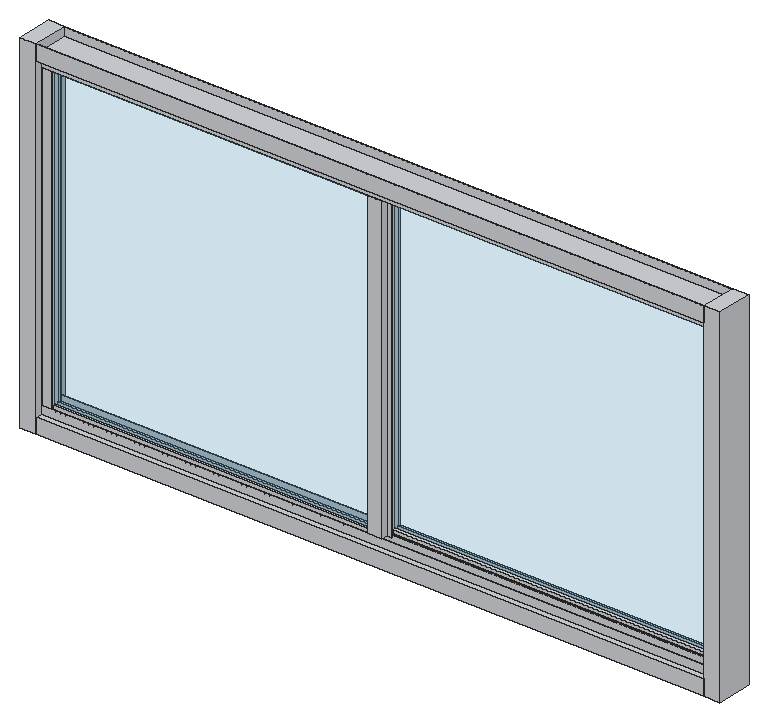
Revit family "MT-VMS_DB-SG_OX", category Windows, host Wall, Revit 2017 (continued)
Definition of nested family "VMS_DB-SG_OX_76mm"
  Definition of nested family "VMS_DB-SG_GLAZED PANEL"
    Definition of nested family "VMS_V3_SGL_FINE"
      Lines and regions (mm)
        model lines, in view "Ref. Level"
          curve 14: arc (14.392, -1.827, 0) -> (20.069, -3.194, 0) -> (25.644, -1.459, 0) r 10.984
          curve 15: arc (25.644, -1.459, 0) -> (26.154, -1.441, 0) -> (26.414, -1.879, 0) r 0.5
          curve 16: arc (26.414, -5.1, 0) -> (26.326, -5.312, 0) -> (26.114, -5.4, 0) r 0.3
          curve 17: arc (22.119, -6.078, 0) -> (21.971, -6.187, 0) -> (21.914, -6.362, 0) r 0.3
          curve 18: arc (21.914, -7, 0) -> (21.997, -7.162, 0) -> (22.177, -7.19, 0) r 0.2
          curve 19: arc (23.414, -7, 0) -> (23.497, -7.162, 0) -> (23.677, -7.19, 0) r 0.2
          curve 20: arc (24.914, -7, 0) -> (24.997, -7.162, 0) -> (25.177, -7.19, 0) r 0.2
          curve 21: arc (26.414, -7, 0) -> (26.497, -7.162, 0) -> (26.677, -7.19, 0) r 0.2
          curve 22: arc (27.641, -6.869, 0) -> (27.839, -6.723, 0) -> (27.914, -6.489, 0) r 0.4
          curve 23: arc (27.914, -0.8, 0) -> (27.68, -0.234, 0) -> (27.114, 0, 0) r 0.8
          curve 24: arc (25.737, 0, 0) -> (25.642, -0.015, 0) -> (25.558, -0.06, 0) r 0.3
          curve 25: arc (25.558, -0.06, 0) -> (19.709, -2, 0) -> (13.86, -0.06, 0) r 9.784
          curve 26: arc (13.86, -0.06, 0) -> (13.776, -0.015, 0) -> (13.681, 0, 0) r 0.3
          curve 27: arc (0.5, 0, 0) -> (0.146, -0.146, 0) -> (0, -0.5, 0) r 0.5
          curve 28: arc (0, -3, 0) -> (0.088, -3.212, 0) -> (0.3, -3.3, 0) r 0.3
          curve 29: arc (0.9, -3.3, 0) -> (1.112, -3.212, 0) -> (1.2, -3, 0) r 0.3
          curve 30: arc (1.2, -1.5, 0) -> (1.288, -1.288, 0) -> (1.5, -1.2, 0) r 0.3
          curve 31: arc (4.7, -1.2, 0) -> (4.912, -1.288, 0) -> (5, -1.5, 0) r 0.3
          curve 32: arc (5, -10.176, 0) -> (4.912, -10.388, 0) -> (4.7, -10.476, 0) r 0.3
          curve 33: arc (3.6, -10.476, 0) -> (3.388, -10.388, 0) -> (3.3, -10.176, 0) r 0.3
          curve 34: arc (3.3, -9.692, 0) -> (3.212, -9.48, 0) -> (3, -9.392, 0) r 0.3
          curve 35: arc (1.5, -9.392, 0) -> (1.288, -9.304, 0) -> (1.2, -9.092, 0) r 0.3
          curve 36: arc (1.2, -7.692, 0) -> (1.112, -7.48, 0) -> (0.9, -7.392, 0) r 0.3
          curve 37: arc (0.3, -7.392, 0) -> (0.088, -7.48, 0) -> (0, -7.692, 0) r 0.3
          curve 38: arc (0, -11.552, 0) -> (0.4, -11.952, 0) -> (0.8, -11.552, 0) r 0.4
          curve 39: arc (2.1, -11.652, 0) -> (2.188, -11.864, 0) -> (2.4, -11.952, 0) r 0.3
          curve 40: arc (2.4, -14.952, 0) -> (2.188, -15.04, 0) -> (2.1, -15.252, 0) r 0.3
          curve 41: arc (0.8, -15.352, 0) -> (0.4, -14.952, 0) -> (0, -15.352, 0) r 0.4
          curve 42: arc (0, -19.208, 0) -> (0.088, -19.42, 0) -> (0.3, -19.508, 0) r 0.3
          curve 43: arc (0.9, -19.508, 0) -> (1.112, -19.42, 0) -> (1.2, -19.208, 0) r 0.3
          curve 44: arc (1.2, -17.808, 0) -> (1.288, -17.596, 0) -> (1.5, -17.508, 0) r 0.3
          curve 45: arc (3, -17.508, 0) -> (3.212, -17.42, 0) -> (3.3, -17.208, 0) r 0.3
          curve 46: arc (3.3, -16.724, 0) -> (3.388, -16.512, 0) -> (3.6, -16.424, 0) r 0.3
          curve 47: arc (4.7, -16.424, 0) -> (4.912, -16.512, 0) -> (5, -16.724, 0) r 0.3
          curve 48: arc (5, -23.3, 0) -> (4.912, -23.512, 0) -> (4.7, -23.6, 0) r 0.3
          curve 49: arc (0.3, -23.6, 0) -> (0.088, -23.688, 0) -> (0, -23.9, 0) r 0.3
          curve 50: arc (0, -26.4, 0) -> (0.146, -26.754, 0) -> (0.5, -26.9, 0) r 0.5
          curve 51: arc (2.102, -26.9, 0) -> (2.385, -26.783, 0) -> (2.502, -26.5, 0) r 0.4
          curve 52: arc (2.502, -26.5, 0) -> (2.385, -26.217, 0) -> (2.102, -26.1, 0) r 0.4
          curve 53: arc (5.902, -26.1, 0) -> (5.619, -26.217, 0) -> (5.502, -26.5, 0) r 0.4
          curve 54: arc (5.502, -26.5, 0) -> (5.619, -26.783, 0) -> (5.902, -26.9, 0) r 0.4
          curve 55: arc (21, -26.9, 0) -> (21.4, -26.52, 0) -> (21.039, -26.102, 0) r 0.4
          curve 56: arc (14.365, -25.441, 0) -> (14.043, -25.279, 0) -> (13.914, -24.944, 0) r 0.5
          curve 57: arc (13.914, -24.65, 0) -> (14.207, -23.943, 0) -> (14.914, -23.65, 0) r 1
          curve 58: arc (8.4, -25.7, 0) -> (8.259, -25.641, 0) -> (8.2, -25.5, 0) r 0.2
          curve 59: arc (8.2, -23.8, 0) -> (8.141, -23.659, 0) -> (8, -23.6, 0) r 0.2
          curve 60: arc (6.5, -23.6, 0) -> (6.288, -23.512, 0) -> (6.2, -23.3, 0) r 0.3
          curve 61: arc (6.2, -16.639, 0) -> (6.261, -16.458, 0) -> (6.419, -16.35, 0) r 0.3
          curve 62: arc (6.419, -16.35, 0) -> (6.899, -16.169, 0) -> (7.342, -15.909, 0) r 3.014
          curve 63: arc (7.342, -15.909, 0) -> (7.404, -15.838, 0) -> (7.426, -15.746, 0) r 0.2
          curve 64: arc (7.426, -14.908, 0) -> (7.145, -14.479, 0) -> (6.64, -14.566, 0) r 0.468
          curve 65: arc (6.64, -14.566, 0) -> (6.369, -14.767, 0) -> (6.06, -14.904, 0) r 1.525
          curve 66: arc (5.14, -14.904, 0) -> (4.813, -14.756, 0) -> (4.529, -14.535, 0) r 1.525
          curve 67: arc (4.124, -13.835, 0) -> (4.075, -13.45, 0) -> (4.124, -13.065, 0) r 1.525
          curve 68: arc (4.529, -12.365, 0) -> (4.813, -12.144, 0) -> (5.14, -11.996, 0) r 1.525
          curve 69: arc (6.06, -11.996, 0) -> (6.369, -12.133, 0) -> (6.64, -12.334, 0) r 1.525
          curve 70: arc (6.64, -12.334, 0) -> (7.145, -12.421, 0) -> (7.426, -11.992, 0) r 0.468
          curve 71: arc (7.426, -11.154, 0) -> (7.404, -11.062, 0) -> (7.342, -10.991, 0) r 0.2
          curve 72: arc (7.342, -10.991, 0) -> (6.899, -10.731, 0) -> (6.419, -10.55, 0) r 3.014
          curve 73: arc (6.419, -10.55, 0) -> (6.261, -10.442, 0) -> (6.2, -10.261, 0) r 0.3
          curve 74: arc (6.2, -1.5, 0) -> (6.288, -1.288, 0) -> (6.5, -1.2, 0) r 0.3
          curve 75: arc (12.312, -1.2, 0) -> (12.453, -1.259, 0) -> (12.512, -1.4, 0) r 0.2
          curve 76: arc (12.512, -25.5, 0) -> (12.453, -25.641, 0) -> (12.312, -25.7, 0) r 0.2
          curve 77: line (14.914, -23.65, 0) -> (23.214, -23.65, 0)
          curve 78: line (23.214, -23.65, 0) -> (25.029, -24.136, 0)
          curve 79: line (25.029, -24.136, 0) -> (27.114, -24.15, 0)
          curve 80: line (27.914, -23.35, 0) -> (27.914, -20.411, 0)
          curve 81: line (27.641, -20.031, 0) -> (26.677, -19.71, 0)
          curve 82: line (26.414, -19.9, 0) -> (26.414, -20.123, 0)
          curve 83: line (26.414, -20.123, 0) -> (25.177, -19.71, 0)
          curve 84: line (24.914, -19.9, 0) -> (24.914, -20.123, 0)
          curve 85: line (24.914, -20.123, 0) -> (23.677, -19.71, 0)
          curve 86: line (23.414, -19.9, 0) -> (23.414, -20.123, 0)
          curve 87: line (23.414, -20.123, 0) -> (22.177, -19.71, 0)
          curve 88: line (21.914, -19.9, 0) -> (21.914, -20.538, 0)
          curve 89: line (22.119, -20.822, 0) -> (23.009, -21.119, 0)
          curve 90: line (23.214, -21.404, 0) -> (23.214, -22.15, 0)
          curve 91: line (22.914, -22.45, 0) -> (14.214, -22.45, 0)
          curve 92: line (13.914, -22.15, 0) -> (13.914, -14.116, 0)
          curve 93: line (13.797, -13.833, 0) -> (13.414, -13.45, 0)
          curve 94: line (13.414, -13.45, 0) -> (13.797, -13.067, 0)
          curve 95: line (13.914, -12.784, 0) -> (13.914, -2.069, 0)
          curve 96: line (26.414, -1.879, 0) -> (26.414, -5.1, 0)
          curve 97: line (26.114, -5.4, 0) -> (24.2, -5.4, 0)
          curve 98: line (24.2, -5.4, 0) -> (22.119, -6.078, 0)
          curve 99: line (21.914, -6.362, 0) -> (21.914, -7, 0)
          curve 100: line (22.177, -7.19, 0) -> (23.414, -6.777, 0)
          curve 101: line (23.414, -6.777, 0) -> (23.414, -7, 0)
          curve 102: line (23.677, -7.19, 0) -> (24.914, -6.777, 0)
          curve 103: line (24.914, -6.777, 0) -> (24.914, -7, 0)
          curve 104: line (25.177, -7.19, 0) -> (26.414, -6.777, 0)
          curve 105: line (26.414, -6.777, 0) -> (26.414, -7, 0)
          curve 106: line (26.677, -7.19, 0) -> (27.641, -6.869, 0)
          curve 107: line (27.914, -6.489, 0) -> (27.914, -0.8, 0)
          curve 108: line (27.114, 0, 0) -> (25.737, 0, 0)
          curve 109: line (13.681, 0, 0) -> (0.5, 0, 0)
          curve 110: line (0, -0.5, 0) -> (0, -3, 0)
          curve 111: line (0.3, -3.3, 0) -> (0.9, -3.3, 0)
          curve 112: line (1.2, -3, 0) -> (1.2, -1.5, 0)
          curve 113: line (1.5, -1.2, 0) -> (4.7, -1.2, 0)
          curve 114: line (5, -1.5, 0) -> (5, -10.176, 0)
          curve 115: line (4.7, -10.476, 0) -> (3.6, -10.476, 0)
          curve 116: line (3.3, -10.176, 0) -> (3.3, -9.692, 0)
          curve 117: line (3, -9.392, 0) -> (1.5, -9.392, 0)
          curve 118: line (1.2, -9.092, 0) -> (1.2, -7.692, 0)
          curve 119: line (0.9, -7.392, 0) -> (0.3, -7.392, 0)
          curve 120: line (0, -7.692, 0) -> (0, -11.552, 0)
          curve 121: line (0.8, -11.552, 0) -> (0.8, -10.452, 0)
          curve 122: line (0.8, -10.452, 0) -> (2.1, -10.452, 0)
          curve 123: line (2.1, -10.452, 0) -> (2.1, -11.652, 0)
          curve 124: line (2.4, -11.952, 0) -> (2.776, -11.952, 0)
          curve 125: line (2.776, -11.952, 0) -> (2.776, -14.952, 0)
          curve 126: line (2.776, -14.952, 0) -> (2.4, -14.952, 0)
          curve 127: line (2.1, -15.252, 0) -> (2.1, -16.452, 0)
          curve 128: line (2.1, -16.452, 0) -> (0.8, -16.452, 0)
          curve 129: line (0.8, -16.452, 0) -> (0.8, -15.352, 0)
          curve 130: line (0, -15.352, 0) -> (0, -19.208, 0)
          curve 131: line (0.3, -19.508, 0) -> (0.9, -19.508, 0)
          curve 132: line (1.2, -19.208, 0) -> (1.2, -17.808, 0)
          curve 133: line (1.5, -17.508, 0) -> (3, -17.508, 0)
          curve 134: line (3.3, -17.208, 0) -> (3.3, -16.724, 0)
          curve 135: line (3.6, -16.424, 0) -> (4.7, -16.424, 0)
          curve 136: line (5, -16.724, 0) -> (5, -23.3, 0)
          curve 137: line (4.7, -23.6, 0) -> (0.3, -23.6, 0)
          curve 138: line (0, -23.9, 0) -> (0, -26.4, 0)
          curve 139: line (0.5, -26.9, 0) -> (2.102, -26.9, 0)
          curve 140: line (2.102, -26.1, 0) -> (1.002, -26.1, 0)
          curve 141: line (1.002, -26.1, 0) -> (1.002, -24.8, 0)
          curve 142: line (1.002, -24.8, 0) -> (7.002, -24.8, 0)
          curve 143: line (7.002, -24.8, 0) -> (7.002, -26.1, 0)
          curve 144: line (7.002, -26.1, 0) -> (5.902, -26.1, 0)
          curve 145: line (5.902, -26.9, 0) -> (21, -26.9, 0)
          curve 146: line (21.039, -26.102, 0) -> (14.365, -25.441, 0)
          curve 147: line (13.914, -24.944, 0) -> (13.914, -24.65, 0)
          curve 148: line (8.2, -25.5, 0) -> (8.2, -23.8, 0)
          curve 149: line (8, -23.6, 0) -> (6.5, -23.6, 0)
          curve 150: line (6.2, -23.3, 0) -> (6.2, -16.639, 0)
          curve 151: line (7.426, -15.746, 0) -> (7.426, -14.908, 0)
          curve 152: line (6.06, -14.904, 0) -> (5.6, -15.324, 0)
          curve 153: line (5.6, -15.324, 0) -> (5.14, -14.904, 0)
          curve 154: line (4.529, -14.535, 0) -> (3.976, -14.387, 0)
          curve 155: line (3.976, -14.387, 0) -> (4.124, -13.835, 0)
          curve 156: line (4.124, -13.065, 0) -> (3.976, -12.513, 0)
          curve 157: line (3.976, -12.513, 0) -> (4.529, -12.365, 0)
          curve 158: line (5.14, -11.996, 0) -> (5.6, -11.576, 0)
          curve 159: line (5.6, -11.576, 0) -> (6.06, -11.996, 0)
          curve 160: line (7.426, -11.992, 0) -> (7.426, -11.154, 0)
          curve 161: line (6.2, -10.261, 0) -> (6.2, -1.5, 0)
          curve 162: line (6.5, -1.2, 0) -> (12.312, -1.2, 0)
          curve 163: line (12.512, -1.4, 0) -> (12.512, -25.5, 0)
          curve 164: line (12.312, -25.7, 0) -> (8.4, -25.7, 0)
    Definition of nested family "VMS_V3_SGL_MEDIUM"
      Reference planes
        plane 1 "Center (Front/Back)": y = 0
        plane 2: z = 0
        plane 3 "Center (Left/Right)": x = 0
      Lines and regions (mm)
        model lines, in view "Ref. Level"
          curve 1: line (13.914, -23.65, 0) -> (27.914, -23.65, 0)
          curve 2: line (27.914, -23.65, 0) -> (27.914, -22.45, 0)
          curve 3: line (27.914, -22.45, 0) -> (13.914, -22.45, 0)
          curve 4: line (13.914, -22.45, 0) -> (13.914, -1.2, 0)
          curve 5: line (26.414, -1.2, 0) -> (26.414, -5.1, 0)
          curve 6: line (27.914, -6.489, 0) -> (27.914, 0, 0)
          curve 7: line (27.914, 0, 0) -> (0, 0, 0)
          curve 8: line (1.002, -1.2, 0) -> (4.73, -1.2, 0)
          curve 9: line (0, 0, 0) -> (0, -26.9, 0)
          curve 10: line (1.002, -25.7, 0) -> (1.002, -1.2, 0)
          curve 11: line (0, -26.9, 0) -> (21.039, -26.9, 0)
          curve 12: line (21.039, -26.102, 0) -> (13.914, -25.397, 0)
          curve 13: line (13.914, -25.397, 0) -> (13.914, -23.65, 0)
          curve 14: line (13.914, -1.2, 0) -> (26.414, -1.2, 0)
          curve 15: line (12.512, -1.2, 0) -> (12.512, -25.7, 0)
          curve 16: line (12.512, -25.7, 0) -> (6.132, -25.7, 0)
          curve 23: line (6.132, -1.2, 0) -> (12.512, -1.2, 0)
          curve 24: line (4.73, -25.7, 0) -> (1.002, -25.7, 0)
        detail lines, in view "Ref. Level"
          curve 17: line (21.039, -26.102, 0) -> (21.039, -26.9, 0)
          curve 18: line (27.914, -6.489, 0) -> (21.583, -6.489, 0)
          curve 19: line (26.414, -5.1, 0) -> (21.583, -5.1, 0)
          curve 20: line (21.583, -6.489, 0) -> (21.583, -5.1, 0)
          curve 21: line (6.132, -25.7, 0) -> (6.132, -1.2, 0)
          curve 22: line (4.73, -1.2, 0) -> (4.73, -25.7, 0)
    Definition of nested family "VMS_VM64_SILL DETAIL_FINE"
      Reference planes
        plane 1 "Center (Front/Back)": y = 0
        plane 2: z = 0
        plane 3 "Center (Left/Right)": x = 0
      Lines and regions (mm)
        model lines, in view "Ref. Level"
          curve 1: arc (4.124, -13.835, 0) -> (4.075, -13.45, 0) -> (4.124, -13.065, 0) r 1.525
          curve 2: arc (4.529, -12.365, 0) -> (4.813, -12.144, 0) -> (5.14, -11.996, 0) r 1.525
          curve 3: arc (6.06, -11.996, 0) -> (6.369, -12.133, 0) -> (6.64, -12.334, 0) r 1.525
          curve 4: arc (6.64, -12.334, 0) -> (7.145, -12.421, 0) -> (7.426, -11.992, 0) r 0.468
          curve 5: arc (7.426, -11.154, 0) -> (7.404, -11.062, 0) -> (7.342, -10.991, 0) r 0.2
          curve 6: arc (7.342, -10.991, 0) -> (6.899, -10.731, 0) -> (6.419, -10.55, 0) r 3.014
          curve 7: arc (6.419, -10.55, 0) -> (6.261, -10.442, 0) -> (6.2, -10.261, 0) r 0.3
          curve 8: arc (6.2, -1.5, 0) -> (6.288, -1.288, 0) -> (6.5, -1.2, 0) r 0.3
          curve 9: arc (12.312, -1.2, 0) -> (12.453, -1.259, 0) -> (12.512, -1.4, 0) r 0.2
          curve 10: arc (12.512, -25.5, 0) -> (12.453, -25.641, 0) -> (12.312, -25.7, 0) r 0.2
          curve 11: arc (8.4, -25.7, 0) -> (8.259, -25.641, 0) -> (8.2, -25.5, 0) r 0.2
          curve 12: arc (8.2, -23.8, 0) -> (8.141, -23.659, 0) -> (8, -23.6, 0) r 0.2
          curve 13: arc (6.5, -23.6, 0) -> (6.288, -23.512, 0) -> (6.2, -23.3, 0) r 0.3
          curve 14: arc (6.2, -16.639, 0) -> (6.261, -16.458, 0) -> (6.419, -16.35, 0) r 0.3
          curve 15: arc (6.419, -16.35, 0) -> (6.899, -16.169, 0) -> (7.342, -15.909, 0) r 3.014
          curve 16: arc (7.342, -15.909, 0) -> (7.404, -15.838, 0) -> (7.426, -15.746, 0) r 0.2
          curve 17: arc (7.426, -14.908, 0) -> (7.145, -14.479, 0) -> (6.64, -14.566, 0) r 0.468
          curve 18: arc (6.64, -14.566, 0) -> (6.369, -14.767, 0) -> (6.06, -14.904, 0) r 1.525
          curve 19: arc (5.14, -14.904, 0) -> (4.813, -14.756, 0) -> (4.529, -14.535, 0) r 1.525
          curve 20: arc (2.1, -11.652, 0) -> (2.188, -11.864, 0) -> (2.4, -11.952, 0) r 0.3
          curve 21: arc (2.4, -14.952, 0) -> (2.188, -15.04, 0) -> (2.1, -15.252, 0) r 0.3
          curve 22: arc (0.8, -15.352, 0) -> (0.4, -14.952, 0) -> (0, -15.352, 0) r 0.4
          curve 23: arc (0, -19.208, 0) -> (0.088, -19.42, 0) -> (0.3, -19.508, 0) r 0.3
          curve 24: arc (0.9, -19.508, 0) -> (1.112, -19.42, 0) -> (1.2, -19.208, 0) r 0.3
          curve 25: arc (1.2, -17.808, 0) -> (1.288, -17.596, 0) -> (1.5, -17.508, 0) r 0.3
          curve 26: arc (3, -17.508, 0) -> (3.212, -17.42, 0) -> (3.3, -17.208, 0) r 0.3
          curve 27: arc (3.3, -16.724, 0) -> (3.388, -16.512, 0) -> (3.6, -16.424, 0) r 0.3
          curve 28: arc (4.7, -16.424, 0) -> (4.912, -16.512, 0) -> (5, -16.724, 0) r 0.3
          curve 29: arc (5, -23.3, 0) -> (4.912, -23.512, 0) -> (4.7, -23.6, 0) r 0.3
          curve 30: arc (0.3, -23.6, 0) -> (0.088, -23.688, 0) -> (0, -23.9, 0) r 0.3
          curve 31: arc (0, -26.4, 0) -> (0.146, -26.753, 0) -> (0.5, -26.9, 0) r 0.5
          curve 32: arc (2.102, -26.9, 0) -> (2.502, -26.5, 0) -> (2.102, -26.1, 0) r 0.4
          curve 33: arc (5.902, -26.1, 0) -> (5.502, -26.5, 0) -> (5.902, -26.9, 0) r 0.4
          curve 34: arc (19.253, -26.9, 0) -> (19.6, -26.57, 0) -> (19.287, -26.207, 0) r 0.347
          curve 35: arc (16.352, -25.917, 0) -> (16.099, -25.719, 0) -> (16.17, -25.406, 0) r 0.3
          curve 36: arc (16.838, -24.738, 0) -> (16.935, -24.673, 0) -> (17.05, -24.65, 0) r 0.3
          curve 37: arc (27.288, -24.95, 0) -> (27.906, -24.424, 0) -> (27.486, -23.73, 0) r 0.626
          curve 38: arc (26.677, -23.46, 0) -> (26.497, -23.488, 0) -> (26.414, -23.65, 0) r 0.2
          curve 39: arc (25.177, -23.46, 0) -> (24.997, -23.488, 0) -> (24.914, -23.65, 0) r 0.2
          curve 40: arc (23.677, -23.46, 0) -> (23.497, -23.488, 0) -> (23.414, -23.65, 0) r 0.2
          curve 41: arc (16.553, -23.45, 0) -> (16.438, -23.473, 0) -> (16.341, -23.538, 0) r 0.3
          curve 42: arc (14.426, -25.452, 0) -> (14.099, -25.517, 0) -> (13.914, -25.24, 0) r 0.3
          curve 43: arc (13.914, -14.116, 0) -> (13.884, -13.963, 0) -> (13.797, -13.833, 0) r 0.4
          curve 44: arc (13.797, -13.067, 0) -> (13.884, -12.937, 0) -> (13.914, -12.784, 0) r 0.4
          curve 45: arc (13.914, -2.069, 0) -> (14.079, -1.801, 0) -> (14.392, -1.827, 0) r 0.3
          curve 46: arc (14.392, -1.827, 0) -> (18.05, -3.074, 0) -> (21.914, -2.976, 0) r 10.984
          curve 47: arc (21.914, -3.233, 0) -> (22.026, -3.412, 0) -> (22.236, -3.391, 0) r 0.2
          curve 48: arc (23.092, -2.731, 0) -> (23.302, -2.71, 0) -> (23.414, -2.889, 0) r 0.2
          curve 49: arc (23.414, -3.233, 0) -> (23.526, -3.412, 0) -> (23.736, -3.391, 0) r 0.2
          curve 50: arc (24.592, -2.731, 0) -> (24.802, -2.71, 0) -> (24.914, -2.889, 0) r 0.2
          curve 51: arc (24.914, -3.233, 0) -> (25.026, -3.412, 0) -> (25.236, -3.391, 0) r 0.2
          curve 52: arc (26.092, -2.731, 0) -> (26.302, -2.71, 0) -> (26.414, -2.889, 0) r 0.2
          curve 53: arc (26.414, -3.233, 0) -> (26.496, -3.394, 0) -> (26.674, -3.423, 0) r 0.2
          curve 54: arc (27.634, -3.121, 0) -> (27.837, -2.976, 0) -> (27.914, -2.739, 0) r 0.4
          curve 55: arc (27.914, -0.8, 0) -> (27.68, -0.234, 0) -> (27.114, 0, 0) r 0.8
          curve 56: arc (25.737, 0, 0) -> (25.642, -0.015, 0) -> (25.558, -0.06, 0) r 0.3
          curve 57: arc (25.558, -0.06, 0) -> (19.709, -2, 0) -> (13.86, -0.06, 0) r 9.784
          curve 58: arc (13.86, -0.06, 0) -> (13.776, -0.015, 0) -> (13.681, 0, 0) r 0.3
          curve 59: arc (0.5, 0, 0) -> (0.146, -0.146, 0) -> (0, -0.5, 0) r 0.5
          curve 60: arc (0, -3, 0) -> (0.088, -3.212, 0) -> (0.3, -3.3, 0) r 0.3
          curve 61: arc (0.9, -3.3, 0) -> (1.112, -3.212, 0) -> (1.2, -3, 0) r 0.3
          curve 62: arc (1.2, -1.5, 0) -> (1.288, -1.288, 0) -> (1.5, -1.2, 0) r 0.3
          curve 63: arc (4.7, -1.2, 0) -> (4.912, -1.288, 0) -> (5, -1.5, 0) r 0.3
          curve 64: arc (5, -10.176, 0) -> (4.912, -10.388, 0) -> (4.7, -10.476, 0) r 0.3
          curve 65: arc (3.6, -10.476, 0) -> (3.388, -10.388, 0) -> (3.3, -10.176, 0) r 0.3
          curve 66: arc (3.3, -9.692, 0) -> (3.212, -9.48, 0) -> (3, -9.392, 0) r 0.3
          curve 67: arc (1.5, -9.392, 0) -> (1.288, -9.304, 0) -> (1.2, -9.092, 0) r 0.3
          curve 68: arc (1.2, -7.692, 0) -> (1.112, -7.48, 0) -> (0.9, -7.392, 0) r 0.3
          curve 69: arc (0.3, -7.392, 0) -> (0.088, -7.48, 0) -> (0, -7.692, 0) r 0.3
          curve 70: arc (0, -11.552, 0) -> (0.4, -11.952, 0) -> (0.8, -11.552, 0) r 0.4
          curve 71: line (4.529, -14.535, 0) -> (3.976, -14.387, 0)
          curve 72: line (3.976, -14.387, 0) -> (4.124, -13.835, 0)
          curve 73: line (4.124, -13.065, 0) -> (3.976, -12.513, 0)
          curve 74: line (3.976, -12.513, 0) -> (4.529, -12.365, 0)
          curve 75: line (5.14, -11.996, 0) -> (5.6, -11.576, 0)
          curve 76: line (5.6, -11.576, 0) -> (6.06, -11.996, 0)
          curve 77: line (7.426, -11.992, 0) -> (7.426, -11.154, 0)
          curve 78: line (6.2, -10.261, 0) -> (6.2, -1.5, 0)
          curve 79: line (6.5, -1.2, 0) -> (12.312, -1.2, 0)
          curve 80: line (12.512, -1.4, 0) -> (12.512, -25.5, 0)
          curve 81: line (12.312, -25.7, 0) -> (8.4, -25.7, 0)
          curve 82: line (8.2, -25.5, 0) -> (8.2, -23.8, 0)
          curve 83: line (8, -23.6, 0) -> (6.5, -23.6, 0)
          curve 84: line (6.2, -23.3, 0) -> (6.2, -16.639, 0)
          curve 85: line (7.426, -15.746, 0) -> (7.426, -14.908, 0)
          curve 86: line (6.06, -14.904, 0) -> (5.6, -15.324, 0)
          curve 87: line (5.6, -15.324, 0) -> (5.14, -14.904, 0)
          curve 88: line (2.4, -11.952, 0) -> (2.776, -11.952, 0)
          curve 89: line (2.776, -11.952, 0) -> (2.776, -14.952, 0)
          curve 90: line (2.776, -14.952, 0) -> (2.4, -14.952, 0)
          curve 91: line (2.1, -15.252, 0) -> (2.1, -16.452, 0)
          curve 92: line (2.1, -16.452, 0) -> (0.8, -16.452, 0)
          curve 93: line (0.8, -16.452, 0) -> (0.8, -15.352, 0)
          curve 94: line (0, -15.352, 0) -> (0, -19.208, 0)
          curve 95: line (0.3, -19.508, 0) -> (0.9, -19.508, 0)
          curve 96: line (1.2, -19.208, 0) -> (1.2, -17.808, 0)
          curve 97: line (1.5, -17.508, 0) -> (3, -17.508, 0)
          curve 98: line (3.3, -17.208, 0) -> (3.3, -16.724, 0)
          curve 99: line (3.6, -16.424, 0) -> (4.7, -16.424, 0)
          curve 100: line (5, -16.724, 0) -> (5, -23.3, 0)
          curve 101: line (4.7, -23.6, 0) -> (0.3, -23.6, 0)
          curve 102: line (0, -23.9, 0) -> (0, -26.4, 0)
          curve 103: line (0.5, -26.9, 0) -> (2.102, -26.9, 0)
          curve 104: line (2.102, -26.1, 0) -> (1.202, -26.1, 0)
          curve 105: line (1.202, -26.1, 0) -> (1.202, -24.8, 0)
          curve 106: line (1.202, -24.8, 0) -> (6.802, -24.8, 0)
          curve 107: line (6.802, -24.8, 0) -> (6.802, -26.1, 0)
          curve 108: line (6.802, -26.1, 0) -> (5.902, -26.1, 0)
          curve 109: line (5.902, -26.9, 0) -> (19.253, -26.9, 0)
          curve 110: line (19.287, -26.207, 0) -> (16.352, -25.917, 0)
          curve 111: line (16.17, -25.406, 0) -> (16.838, -24.738, 0)
          curve 112: line (17.05, -24.65, 0) -> (22.146, -24.65, 0)
          curve 113: line (22.146, -24.65, 0) -> (23.924, -24.95, 0)
          curve 114: line (23.924, -24.95, 0) -> (27.288, -24.95, 0)
          curve 115: line (27.486, -23.73, 0) -> (26.677, -23.46, 0)
          curve 116: line (26.414, -23.65, 0) -> (26.414, -23.872, 0)
          curve 117: line (26.414, -23.872, 0) -> (25.177, -23.46, 0)
          curve 118: line (24.914, -23.65, 0) -> (24.914, -23.872, 0)
          curve 119: line (24.914, -23.872, 0) -> (23.677, -23.46, 0)
          curve 120: line (23.414, -23.761, 0) -> (22.146, -23.45, 0)
          curve 121: line (22.146, -23.45, 0) -> (16.553, -23.45, 0)
          curve 122: line (16.341, -23.538, 0) -> (14.426, -25.452, 0)
          curve 123: line (13.914, -25.24, 0) -> (13.914, -14.116, 0)
          curve 124: line (13.797, -13.833, 0) -> (13.414, -13.45, 0)
          curve 125: line (13.414, -13.45, 0) -> (13.797, -13.067, 0)
          curve 126: line (13.914, -12.784, 0) -> (13.914, -2.069, 0)
          curve 127: line (21.914, -2.976, 0) -> (21.914, -3.233, 0)
          curve 128: line (22.236, -3.391, 0) -> (23.092, -2.731, 0)
          curve 129: line (23.414, -2.889, 0) -> (23.414, -3.233, 0)
          curve 130: line (23.736, -3.391, 0) -> (24.592, -2.731, 0)
          curve 131: line (24.914, -2.889, 0) -> (24.914, -3.233, 0)
          curve 132: line (25.236, -3.391, 0) -> (26.092, -2.731, 0)
          curve 133: line (26.414, -2.889, 0) -> (26.414, -3.233, 0)
          curve 134: line (26.674, -3.423, 0) -> (27.634, -3.121, 0)
          curve 135: line (27.914, -2.739, 0) -> (27.914, -0.8, 0)
          curve 136: line (27.114, 0, 0) -> (25.737, 0, 0)
          curve 137: line (13.681, 0, 0) -> (0.5, 0, 0)
          curve 138: line (0, -0.5, 0) -> (0, -3, 0)
          curve 139: line (0.3, -3.3, 0) -> (0.9, -3.3, 0)
          curve 140: line (1.2, -3, 0) -> (1.2, -1.5, 0)
          curve 141: line (1.5, -1.2, 0) -> (4.7, -1.2, 0)
          curve 142: line (5, -1.5, 0) -> (5, -10.176, 0)
          curve 143: line (4.7, -10.476, 0) -> (3.6, -10.476, 0)
          curve 144: line (3.3, -10.176, 0) -> (3.3, -9.692, 0)
          curve 145: line (3, -9.392, 0) -> (1.5, -9.392, 0)
          curve 146: line (1.2, -9.092, 0) -> (1.2, -7.692, 0)
          curve 147: line (0.9, -7.392, 0) -> (0.3, -7.392, 0)
          curve 148: line (0, -7.692, 0) -> (0, -11.552, 0)
          curve 149: line (0.8, -11.552, 0) -> (0.8, -10.452, 0)
          curve 150: line (0.8, -10.452, 0) -> (2.1, -10.452, 0)
          curve 151: line (2.1, -10.452, 0) -> (2.1, -11.652, 0)
    Definition of nested family "VMS_VM64_SILL DETAIL_MEDIUM"
      Reference planes
        plane 1 "Center (Front/Back)": y = 0
        plane 2: z = 0
        plane 3 "Center (Left/Right)": x = 0
      Lines and regions (mm)
        model lines, in view "Ref. Level"
          curve 1: line (1.202, -1.2, 0) -> (5, -1.2, 0)
          curve 2: line (12.512, -1.2, 0) -> (12.512, -25.7, 0)
          curve 3: line (12.512, -25.7, 0) -> (6.2, -25.7, 0)
          curve 4: line (6.2, -25.7, 0) -> (6.2, -1.2, 0)
          curve 5: line (5, -1.2, 0) -> (5, -25.7, 0)
          curve 6: line (0, 0, 0) -> (0, -26.9, 0)
          curve 7: line (1.202, -25.7, 0) -> (1.202, -1.2, 0)
          curve 8: line (0, -26.9, 0) -> (19.287, -26.9, 0)
          curve 9: line (19.287, -26.207, 0) -> (15.721, -25.854, 0)
          curve 10: line (15.721, -25.854, 0) -> (16.926, -24.65, 0)
          curve 11: line (16.926, -24.65, 0) -> (27.914, -24.65, 0)
          curve 12: line (27.914, -23.45, 0) -> (16.429, -23.45, 0)
          curve 13: line (16.429, -23.45, 0) -> (13.914, -25.965, 0)
          curve 14: line (13.914, -25.965, 0) -> (13.914, -1.2, 0)
          curve 15: line (27.914, -24.65, 0) -> (27.914, -23.45, 0)
          curve 16: line (27.914, 0, 0) -> (0, 0, 0)
          curve 18: line (6.2, -1.2, 0) -> (12.512, -1.2, 0)
          curve 19: line (5, -25.7, 0) -> (1.202, -25.7, 0)
          curve 20: line (27.914, -1.2, 0) -> (27.914, 0, 0)
          curve 21: line (13.914, -1.2, 0) -> (27.914, -1.2, 0)
        detail lines, in view "Ref. Level"
          curve 17: line (19.287, -26.207, 0) -> (19.287, -26.9, 0)
    Definition of nested family "VMS_VM5_SILL DETAIL_FINE"
      Reference planes
        plane 1 "Center (Front/Back)": y = 0
        plane 2: z = 0
        plane 3 "Center (Left/Right)": x = 0
      Lines and regions (mm)
        model lines, in view "Ref. Level"
          curve 1: arc (26.9, 5.9, 0) -> (26.783, 5.617, 0) -> (26.5, 5.5, 0) r 0.4
          curve 2: arc (26.5, 5.5, 0) -> (26.217, 5.617, 0) -> (26.1, 5.9, 0) r 0.4
          curve 3: arc (26.1, 2.1, 0) -> (26.217, 2.383, 0) -> (26.5, 2.5, 0) r 0.4
          curve 4: arc (26.5, 2.5, 0) -> (26.783, 2.383, 0) -> (26.9, 2.1, 0) r 0.4
          curve 5: arc (26.9, 0.5, 0) -> (26.754, 0.146, 0) -> (26.4, 0, 0) r 0.5
          curve 6: arc (23.9, 0, 0) -> (23.688, 0.088, 0) -> (23.6, 0.3, 0) r 0.3
          curve 7: arc (23.6, 4.7, 0) -> (23.512, 4.912, 0) -> (23.3, 5, 0) r 0.3
          curve 8: arc (16.724, 5, 0) -> (16.512, 4.912, 0) -> (16.424, 4.7, 0) r 0.3
          curve 9: arc (16.424, 3.6, 0) -> (16.512, 3.388, 0) -> (16.724, 3.3, 0) r 0.3
          curve 10: arc (17.208, 3.3, 0) -> (17.42, 3.212, 0) -> (17.508, 3, 0) r 0.3
          curve 11: arc (17.508, 1.5, 0) -> (17.596, 1.288, 0) -> (17.808, 1.2, 0) r 0.3
          curve 12: arc (19.208, 1.2, 0) -> (19.42, 1.112, 0) -> (19.508, 0.9, 0) r 0.3
          curve 13: arc (19.508, 0.3, 0) -> (19.42, 0.088, 0) -> (19.208, 0, 0) r 0.3
          curve 14: arc (15.348, 0, 0) -> (14.948, 0.4, 0) -> (15.348, 0.8, 0) r 0.4
          curve 15: arc (15.248, 2.1, 0) -> (15.036, 2.188, 0) -> (14.948, 2.4, 0) r 0.3
          curve 16: arc (11.948, 2.4, 0) -> (11.86, 2.188, 0) -> (11.648, 2.1, 0) r 0.3
          curve 17: arc (11.548, 0.8, 0) -> (11.948, 0.4, 0) -> (11.548, 0, 0) r 0.4
          curve 18: arc (7.692, 0, 0) -> (7.48, 0.088, 0) -> (7.392, 0.3, 0) r 0.3
          curve 19: arc (7.392, 0.9, 0) -> (7.48, 1.112, 0) -> (7.692, 1.2, 0) r 0.3
          curve 20: arc (9.092, 1.2, 0) -> (9.304, 1.288, 0) -> (9.392, 1.5, 0) r 0.3
          curve 21: arc (9.392, 3, 0) -> (9.48, 3.212, 0) -> (9.692, 3.3, 0) r 0.3
          curve 22: arc (10.176, 3.3, 0) -> (10.388, 3.388, 0) -> (10.476, 3.6, 0) r 0.3
          curve 23: arc (10.476, 4.7, 0) -> (10.388, 4.912, 0) -> (10.176, 5, 0) r 0.3
          curve 24: arc (3.6, 5, 0) -> (3.388, 4.912, 0) -> (3.3, 4.7, 0) r 0.3
          curve 25: arc (3.3, 0.3, 0) -> (3.212, 0.088, 0) -> (3, 0, 0) r 0.3
          curve 26: arc (0.5, 0, 0) -> (0.146, 0.146, 0) -> (0, 0.5, 0) r 0.5
          curve 27: arc (0, 2.1, 0) -> (0.117, 2.383, 0) -> (0.4, 2.5, 0) r 0.4
          curve 28: arc (0.4, 2.5, 0) -> (0.683, 2.383, 0) -> (0.8, 2.1, 0) r 0.4
          curve 29: arc (0.8, 5.9, 0) -> (0.683, 5.617, 0) -> (0.4, 5.5, 0) r 0.4
          curve 30: arc (0.4, 5.5, 0) -> (0.117, 5.617, 0) -> (0, 5.9, 0) r 0.4
          curve 31: arc (0, 13.679, 0) -> (0.015, 13.774, 0) -> (0.06, 13.858, 0) r 0.3
          curve 32: arc (0.06, 13.858, 0) -> (2, 19.707, 0) -> (0.06, 25.556, 0) r 9.784
          curve 33: arc (0.06, 25.556, 0) -> (0.015, 25.64, 0) -> (0, 25.735, 0) r 0.3
          curve 34: arc (0, 27.112, 0) -> (0.234, 27.678, 0) -> (0.8, 27.912, 0) r 0.8
          curve 35: arc (6.489, 27.912, 0) -> (6.723, 27.837, 0) -> (6.869, 27.639, 0) r 0.4
          curve 36: arc (7.19, 26.675, 0) -> (7.162, 26.495, 0) -> (7, 26.412, 0) r 0.2
          curve 37: arc (7.19, 25.175, 0) -> (7.162, 24.995, 0) -> (7, 24.912, 0) r 0.2
          curve 38: arc (7.19, 23.675, 0) -> (7.162, 23.495, 0) -> (7, 23.412, 0) r 0.2
          curve 39: arc (7.19, 22.175, 0) -> (7.162, 21.995, 0) -> (7, 21.912, 0) r 0.2
          curve 40: arc (6.362, 21.912, 0) -> (6.187, 21.969, 0) -> (6.078, 22.117, 0) r 0.3
          curve 41: arc (5.4, 26.112, 0) -> (5.312, 26.324, 0) -> (5.1, 26.412, 0) r 0.3
          curve 42: arc (1.879, 26.412, 0) -> (1.441, 26.152, 0) -> (1.459, 25.642, 0) r 0.5
          curve 43: arc (1.459, 25.642, 0) -> (3.194, 20.067, 0) -> (1.827, 14.39, 0) r 10.984
          curve 44: arc (1.827, 14.39, 0) -> (1.801, 14.077, 0) -> (2.069, 13.912, 0) r 0.3
          curve 45: arc (12.784, 13.912, 0) -> (12.937, 13.882, 0) -> (13.067, 13.795, 0) r 0.4
          curve 46: arc (13.833, 13.795, 0) -> (13.963, 13.882, 0) -> (14.116, 13.912, 0) r 0.4
          curve 47: arc (24.831, 13.912, 0) -> (25.099, 14.077, 0) -> (25.073, 14.39, 0) r 0.3
          curve 48: arc (25.073, 14.39, 0) -> (23.706, 20.067, 0) -> (25.441, 25.642, 0) r 10.984
          curve 49: arc (25.441, 25.642, 0) -> (25.459, 26.152, 0) -> (25.021, 26.412, 0) r 0.5
          curve 50: arc (21.8, 26.412, 0) -> (21.588, 26.324, 0) -> (21.5, 26.112, 0) r 0.3
          curve 51: arc (20.822, 22.117, 0) -> (20.713, 21.969, 0) -> (20.538, 21.912, 0) r 0.3
          curve 52: arc (19.9, 21.912, 0) -> (19.738, 21.995, 0) -> (19.71, 22.175, 0) r 0.2
          curve 53: arc (19.9, 23.412, 0) -> (19.738, 23.495, 0) -> (19.71, 23.675, 0) r 0.2
          curve 54: arc (19.9, 24.912, 0) -> (19.738, 24.995, 0) -> (19.71, 25.175, 0) r 0.2
          curve 55: arc (19.9, 26.412, 0) -> (19.738, 26.495, 0) -> (19.71, 26.675, 0) r 0.2
          curve 56: arc (20.031, 27.639, 0) -> (20.177, 27.837, 0) -> (20.411, 27.912, 0) r 0.4
          curve 57: arc (26.1, 27.912, 0) -> (26.666, 27.678, 0) -> (26.9, 27.112, 0) r 0.8
          curve 58: arc (26.9, 25.735, 0) -> (26.885, 25.64, 0) -> (26.84, 25.556, 0) r 0.3
          curve 59: arc (26.84, 25.556, 0) -> (24.9, 19.707, 0) -> (26.84, 13.858, 0) r 9.784
          curve 60: arc (26.84, 13.858, 0) -> (26.885, 13.774, 0) -> (26.9, 13.679, 0) r 0.3
          curve 61: arc (10.55, 6.419, 0) -> (10.731, 6.899, 0) -> (10.991, 7.342, 0) r 3.014
          curve 62: arc (10.991, 7.342, 0) -> (11.062, 7.404, 0) -> (11.154, 7.426, 0) r 0.2
          curve 63: arc (11.992, 7.426, 0) -> (12.421, 7.145, 0) -> (12.334, 6.64, 0) r 0.468
          curve 64: arc (12.334, 6.64, 0) -> (12.133, 6.369, 0) -> (11.996, 6.06, 0) r 1.525
          curve 65: arc (11.996, 5.14, 0) -> (12.144, 4.813, 0) -> (12.365, 4.529, 0) r 1.525
          curve 66: arc (13.065, 4.124, 0) -> (13.45, 4.075, 0) -> (13.835, 4.124, 0) r 1.525
          curve 67: arc (14.535, 4.529, 0) -> (14.756, 4.813, 0) -> (14.904, 5.14, 0) r 1.525
          curve 68: arc (14.904, 6.06, 0) -> (14.767, 6.369, 0) -> (14.566, 6.64, 0) r 1.525
          curve 69: arc (14.566, 6.64, 0) -> (14.479, 7.145, 0) -> (14.908, 7.426, 0) r 0.468
          curve 70: arc (15.746, 7.426, 0) -> (15.838, 7.404, 0) -> (15.909, 7.342, 0) r 0.2
          curve 71: arc (15.909, 7.342, 0) -> (16.169, 6.899, 0) -> (16.35, 6.419, 0) r 3.014
          curve 72: arc (16.35, 6.419, 0) -> (16.458, 6.261, 0) -> (16.639, 6.2, 0) r 0.3
          curve 73: arc (23.3, 6.2, 0) -> (23.512, 6.288, 0) -> (23.6, 6.5, 0) r 0.3
          curve 74: arc (23.6, 8, 0) -> (23.659, 8.141, 0) -> (23.8, 8.2, 0) r 0.2
          curve 75: arc (25.5, 8.2, 0) -> (25.641, 8.259, 0) -> (25.7, 8.4, 0) r 0.2
          curve 76: arc (25.7, 12.312, 0) -> (25.641, 12.453, 0) -> (25.5, 12.512, 0) r 0.2
          curve 77: arc (1.4, 12.512, 0) -> (1.259, 12.453, 0) -> (1.2, 12.312, 0) r 0.2
          curve 78: arc (1.2, 8.4, 0) -> (1.259, 8.259, 0) -> (1.4, 8.2, 0) r 0.2
          curve 79: arc (3.1, 8.2, 0) -> (3.241, 8.141, 0) -> (3.3, 8, 0) r 0.2
          curve 80: arc (3.3, 6.5, 0) -> (3.388, 6.288, 0) -> (3.6, 6.2, 0) r 0.3
          curve 81: line (26.1, 5.9, 0) -> (26.1, 7, 0)
          curve 82: line (26.1, 7, 0) -> (24.8, 7, 0)
          curve 83: line (24.8, 7, 0) -> (24.8, 1, 0)
          curve 84: line (24.8, 1, 0) -> (26.1, 1, 0)
          curve 85: line (26.1, 1, 0) -> (26.1, 2.1, 0)
          curve 86: line (26.9, 2.1, 0) -> (26.9, 0.5, 0)
          curve 87: line (26.4, 0, 0) -> (23.9, 0, 0)
          curve 88: line (23.6, 0.3, 0) -> (23.6, 4.7, 0)
          curve 89: line (23.3, 5, 0) -> (16.724, 5, 0)
          curve 90: line (16.424, 4.7, 0) -> (16.424, 3.6, 0)
          curve 91: line (16.724, 3.3, 0) -> (17.208, 3.3, 0)
          curve 92: line (17.508, 3, 0) -> (17.508, 1.5, 0)
          curve 93: line (17.808, 1.2, 0) -> (19.208, 1.2, 0)
          curve 94: line (19.508, 0.9, 0) -> (19.508, 0.3, 0)
          curve 95: line (19.208, 0, 0) -> (15.348, 0, 0)
          curve 96: line (15.348, 0.8, 0) -> (16.448, 0.8, 0)
          curve 97: line (16.448, 0.8, 0) -> (16.448, 2.1, 0)
          curve 98: line (16.448, 2.1, 0) -> (15.248, 2.1, 0)
          curve 99: line (14.948, 2.4, 0) -> (14.948, 2.776, 0)
          curve 100: line (14.948, 2.776, 0) -> (11.948, 2.776, 0)
          curve 101: line (11.948, 2.776, 0) -> (11.948, 2.4, 0)
          curve 102: line (11.648, 2.1, 0) -> (10.448, 2.1, 0)
          curve 103: line (10.448, 2.1, 0) -> (10.448, 0.8, 0)
          curve 104: line (10.448, 0.8, 0) -> (11.548, 0.8, 0)
          curve 105: line (11.548, 0, 0) -> (7.692, 0, 0)
          curve 106: line (7.392, 0.3, 0) -> (7.392, 0.9, 0)
          curve 107: line (7.692, 1.2, 0) -> (9.092, 1.2, 0)
          curve 108: line (9.392, 1.5, 0) -> (9.392, 3, 0)
          curve 109: line (9.692, 3.3, 0) -> (10.176, 3.3, 0)
          curve 110: line (10.476, 3.6, 0) -> (10.476, 4.7, 0)
          curve 111: line (10.176, 5, 0) -> (3.6, 5, 0)
          curve 112: line (3.3, 4.7, 0) -> (3.3, 0.3, 0)
          curve 113: line (3, 0, 0) -> (0.5, 0, 0)
          curve 114: line (0, 0.5, 0) -> (0, 2.1, 0)
          curve 115: line (0.8, 2.1, 0) -> (0.8, 1, 0)
          curve 116: line (0.8, 1, 0) -> (2.1, 1, 0)
          curve 117: line (2.1, 1, 0) -> (2.1, 7, 0)
          curve 118: line (2.1, 7, 0) -> (0.8, 7, 0)
          curve 119: line (0.8, 7, 0) -> (0.8, 5.9, 0)
          curve 120: line (0, 5.9, 0) -> (0, 13.679, 0)
          curve 121: line (0, 25.735, 0) -> (0, 27.112, 0)
          curve 122: line (0.8, 27.912, 0) -> (6.489, 27.912, 0)
          curve 123: line (6.869, 27.639, 0) -> (7.19, 26.675, 0)
          curve 124: line (7, 26.412, 0) -> (6.777, 26.412, 0)
          curve 125: line (6.777, 26.412, 0) -> (7.19, 25.175, 0)
          curve 126: line (7, 24.912, 0) -> (6.777, 24.912, 0)
          curve 127: line (6.777, 24.912, 0) -> (7.19, 23.675, 0)
          curve 128: line (7, 23.412, 0) -> (6.777, 23.412, 0)
          curve 129: line (6.777, 23.412, 0) -> (7.19, 22.175, 0)
          curve 130: line (7, 21.912, 0) -> (6.362, 21.912, 0)
          curve 131: line (6.078, 22.117, 0) -> (5.415, 24.104, 0)
          curve 132: line (5.415, 24.104, 0) -> (5.4, 26.112, 0)
          curve 133: line (5.1, 26.412, 0) -> (1.879, 26.412, 0)
          curve 134: line (2.069, 13.912, 0) -> (12.784, 13.912, 0)
          curve 135: line (13.067, 13.795, 0) -> (13.45, 13.412, 0)
          curve 136: line (13.45, 13.412, 0) -> (13.833, 13.795, 0)
          curve 137: line (14.116, 13.912, 0) -> (24.831, 13.912, 0)
          curve 138: line (25.021, 26.412, 0) -> (21.8, 26.412, 0)
          curve 139: line (21.5, 26.112, 0) -> (21.5, 24.198, 0)
          curve 140: line (21.5, 24.198, 0) -> (20.822, 22.117, 0)
          curve 141: line (20.538, 21.912, 0) -> (19.9, 21.912, 0)
          curve 142: line (19.71, 22.175, 0) -> (20.123, 23.412, 0)
          curve 143: line (20.123, 23.412, 0) -> (19.9, 23.412, 0)
          curve 144: line (19.71, 23.675, 0) -> (20.123, 24.912, 0)
          curve 145: line (20.123, 24.912, 0) -> (19.9, 24.912, 0)
          curve 146: line (19.71, 25.175, 0) -> (20.123, 26.412, 0)
          curve 147: line (20.123, 26.412, 0) -> (19.9, 26.412, 0)
          curve 148: line (19.71, 26.675, 0) -> (20.031, 27.639, 0)
          curve 149: line (20.411, 27.912, 0) -> (26.1, 27.912, 0)
          curve 150: line (26.9, 27.112, 0) -> (26.9, 25.735, 0)
          curve 151: line (26.9, 13.679, 0) -> (26.9, 5.9, 0)
          curve 152: line (11.154, 7.426, 0) -> (11.992, 7.426, 0)
          curve 153: line (11.996, 6.06, 0) -> (11.576, 5.6, 0)
          curve 154: line (11.576, 5.6, 0) -> (11.996, 5.14, 0)
          curve 155: line (12.365, 4.529, 0) -> (12.513, 3.976, 0)
          curve 156: line (12.513, 3.976, 0) -> (13.065, 4.124, 0)
          curve 157: line (13.835, 4.124, 0) -> (14.387, 3.976, 0)
          curve 158: line (14.387, 3.976, 0) -> (14.535, 4.529, 0)
          curve 159: line (14.904, 5.14, 0) -> (15.324, 5.6, 0)
          curve 160: line (15.324, 5.6, 0) -> (14.904, 6.06, 0)
          curve 161: line (14.908, 7.426, 0) -> (15.746, 7.426, 0)
          curve 162: line (16.639, 6.2, 0) -> (23.3, 6.2, 0)
          curve 163: line (23.6, 6.5, 0) -> (23.6, 8, 0)
          curve 164: line (23.8, 8.2, 0) -> (25.5, 8.2, 0)
          curve 165: line (25.7, 8.4, 0) -> (25.7, 12.312, 0)
          curve 166: line (25.5, 12.512, 0) -> (1.4, 12.512, 0)
          curve 167: line (1.2, 12.312, 0) -> (1.2, 8.4, 0)
          curve 168: line (1.4, 8.2, 0) -> (3.1, 8.2, 0)
          curve 169: line (3.3, 8, 0) -> (3.3, 6.5, 0)
          curve 170: line (3.6, 6.2, 0) -> (10.261, 6.2, 0)
          curve 171: arc (10.261, 6.2, 0) -> (10.442, 6.261, 0) -> (10.55, 6.419, 0) r 0.3
    Definition of nested family "VMS_VM5_SILL DETAIL_MEDIUM"
      Reference planes
        plane 1 "Center (Front/Back)": y = 0
        plane 2: z = 0
        plane 3 "Center (Left/Right)": x = 0
      Lines and regions (mm)
        model lines, in view "Ref. Level"
          curve 1: line (1.2, 1, 0) -> (25.7, 1, 0)
          curve 2: line (26.9, 0, 0) -> (0, 0, 0)
          curve 3: line (25.7, 5, 0) -> (1.2, 5, 0)
          curve 4: line (0, 0, 0) -> (0, 27.912, 0)
          curve 5: line (0, 27.912, 0) -> (6.489, 27.912, 0)
          curve 6: line (6.489, 21.912, 0) -> (5.432, 21.912, 0)
          curve 7: line (5.432, 21.912, 0) -> (5.398, 26.412, 0)
          curve 8: line (5.398, 26.412, 0) -> (1.2, 26.412, 0)
          curve 9: line (1.2, 13.912, 0) -> (25.7, 13.912, 0)
          curve 10: line (25.7, 26.412, 0) -> (21.5, 26.412, 0)
          curve 11: line (21.5, 26.412, 0) -> (21.5, 21.912, 0)
          curve 12: line (21.5, 21.912, 0) -> (20.411, 21.912, 0)
          curve 13: line (20.411, 27.912, 0) -> (26.9, 27.912, 0)
          curve 14: line (26.9, 27.912, 0) -> (26.9, 0, 0)
          curve 15: line (1.2, 6.2, 0) -> (25.7, 6.2, 0)
          curve 16: line (25.7, 1, 0) -> (25.7, 5, 0)
          curve 17: line (25.7, 12.512, 0) -> (1.2, 12.512, 0)
          curve 18: line (1.2, 26.412, 0) -> (1.2, 13.912, 0)
          curve 19: line (1.2, 5, 0) -> (1.2, 1, 0)
          curve 20: line (25.7, 13.912, 0) -> (25.7, 26.412, 0)
          curve 21: line (1.2, 12.512, 0) -> (1.2, 6.2, 0)
          curve 22: line (25.7, 6.2, 0) -> (25.7, 12.512, 0)
        detail lines, in view "Ref. Level"
          curve 23: line (6.489, 27.912, 0) -> (6.489, 21.912, 0)
          curve 24: line (20.411, 27.912, 0) -> (20.411, 21.912, 0)
    Definition of nested family "VMS_VM66_SILL DETAIL_FINE"
      Reference planes
        plane 1 "Center (Front/Back)": y = 0
        plane 2: z = 0
        plane 3 "Center (Left/Right)": x = 0
      Lines and regions (mm)
        model lines, in view "Ref. Level"
          curve 1: arc (11.648, 2.1, 0) -> (11.86, 2.188, 0) -> (11.948, 2.4, 0) r 0.3
          curve 2: arc (14.948, 2.4, 0) -> (15.036, 2.188, 0) -> (15.248, 2.1, 0) r 0.3
          curve 3: arc (15.348, 0.8, 0) -> (14.948, 0.4, 0) -> (15.348, 0, 0) r 0.4
          curve 4: arc (19.208, 0, 0) -> (19.42, 0.088, 0) -> (19.508, 0.3, 0) r 0.3
          curve 5: arc (19.508, 0.9, 0) -> (19.42, 1.112, 0) -> (19.208, 1.2, 0) r 0.3
          curve 6: arc (17.808, 1.2, 0) -> (17.596, 1.288, 0) -> (17.508, 1.5, 0) r 0.3
          curve 7: arc (17.508, 3, 0) -> (17.42, 3.212, 0) -> (17.208, 3.3, 0) r 0.3
          curve 8: arc (16.724, 3.3, 0) -> (16.512, 3.388, 0) -> (16.424, 3.6, 0) r 0.3
          curve 9: arc (16.424, 4.7, 0) -> (16.512, 4.912, 0) -> (16.724, 5, 0) r 0.3
          curve 10: arc (23.3, 5, 0) -> (23.512, 4.912, 0) -> (23.6, 4.7, 0) r 0.3
          curve 11: arc (23.6, 0.3, 0) -> (23.688, 0.088, 0) -> (23.9, 0, 0) r 0.3
          curve 12: arc (26.4, 0, 0) -> (26.753, 0.146, 0) -> (26.9, 0.5, 0) r 0.5
          curve 13: arc (26.9, 2.1, 0) -> (26.5, 2.5, 0) -> (26.1, 2.1, 0) r 0.4
          curve 14: arc (26.1, 5.9, 0) -> (26.5, 5.5, 0) -> (26.9, 5.9, 0) r 0.4
          curve 15: arc (26.9, 13.679, 0) -> (26.885, 13.774, 0) -> (26.84, 13.858, 0) r 0.3
          curve 16: arc (26.84, 13.858, 0) -> (24.9, 19.707, 0) -> (26.84, 25.556, 0) r 9.784
          curve 17: arc (26.84, 25.556, 0) -> (26.885, 25.64, 0) -> (26.9, 25.735, 0) r 0.3
          curve 18: arc (26.9, 27.112, 0) -> (26.666, 27.678, 0) -> (26.1, 27.912, 0) r 0.8
          curve 19: arc (24.161, 27.912, 0) -> (23.924, 27.835, 0) -> (23.779, 27.632, 0) r 0.4
          curve 20: arc (23.477, 26.672, 0) -> (23.506, 26.494, 0) -> (23.667, 26.412, 0) r 0.2
          curve 21: arc (24.011, 26.412, 0) -> (24.19, 26.3, 0) -> (24.169, 26.09, 0) r 0.2
          curve 22: arc (23.509, 25.234, 0) -> (23.488, 25.024, 0) -> (23.667, 24.912, 0) r 0.2
          curve 23: arc (24.011, 24.912, 0) -> (24.19, 24.8, 0) -> (24.169, 24.59, 0) r 0.2
          curve 24: arc (23.509, 23.734, 0) -> (23.488, 23.524, 0) -> (23.667, 23.412, 0) r 0.2
          curve 25: arc (24.011, 23.412, 0) -> (24.19, 23.3, 0) -> (24.169, 23.09, 0) r 0.2
          curve 26: arc (23.509, 22.234, 0) -> (23.488, 22.024, 0) -> (23.667, 21.912, 0) r 0.2
          curve 27: arc (23.924, 21.912, 0) -> (23.826, 18.048, 0) -> (25.073, 14.39, 0) r 10.984
          curve 28: arc (25.073, 14.39, 0) -> (25.099, 14.077, 0) -> (24.831, 13.912, 0) r 0.3
          curve 29: arc (14.116, 13.912, 0) -> (13.963, 13.882, 0) -> (13.833, 13.795, 0) r 0.4
          curve 30: arc (13.067, 13.795, 0) -> (12.937, 13.882, 0) -> (12.784, 13.912, 0) r 0.4
          curve 31: arc (2.069, 13.912, 0) -> (1.801, 14.077, 0) -> (1.827, 14.39, 0) r 0.3
          curve 32: arc (1.827, 14.39, 0) -> (3.074, 18.048, 0) -> (2.976, 21.912, 0) r 10.984
          curve 33: arc (3.233, 21.912, 0) -> (3.412, 22.024, 0) -> (3.391, 22.234, 0) r 0.2
          curve 34: arc (2.731, 23.09, 0) -> (2.71, 23.3, 0) -> (2.889, 23.412, 0) r 0.2
          curve 35: arc (3.233, 23.412, 0) -> (3.412, 23.524, 0) -> (3.391, 23.734, 0) r 0.2
          curve 36: arc (2.731, 24.59, 0) -> (2.71, 24.8, 0) -> (2.889, 24.912, 0) r 0.2
          curve 37: arc (3.233, 24.912, 0) -> (3.412, 25.024, 0) -> (3.391, 25.234, 0) r 0.2
          curve 38: arc (2.731, 26.09, 0) -> (2.71, 26.3, 0) -> (2.889, 26.412, 0) r 0.2
          curve 39: arc (3.233, 26.412, 0) -> (3.394, 26.494, 0) -> (3.423, 26.672, 0) r 0.2
          curve 40: arc (3.121, 27.632, 0) -> (2.976, 27.835, 0) -> (2.739, 27.912, 0) r 0.4
          curve 41: arc (0.8, 27.912, 0) -> (0.234, 27.678, 0) -> (0, 27.112, 0) r 0.8
          curve 42: arc (0, 25.735, 0) -> (0.015, 25.64, 0) -> (0.06, 25.556, 0) r 0.3
          curve 43: arc (0.06, 25.556, 0) -> (2, 19.707, 0) -> (0.06, 13.858, 0) r 9.784
          curve 44: arc (0.06, 13.858, 0) -> (0.015, 13.774, 0) -> (0, 13.679, 0) r 0.3
          curve 45: arc (0, 5.9, 0) -> (0.4, 5.5, 0) -> (0.8, 5.9, 0) r 0.4
          curve 46: arc (0.8, 2.1, 0) -> (0.4, 2.5, 0) -> (0, 2.1, 0) r 0.4
          curve 47: arc (0, 0.5, 0) -> (0.146, 0.146, 0) -> (0.5, 0, 0) r 0.5
          curve 48: arc (3, 0, 0) -> (3.212, 0.088, 0) -> (3.3, 0.3, 0) r 0.3
          curve 49: arc (3.3, 4.7, 0) -> (3.388, 4.912, 0) -> (3.6, 5, 0) r 0.3
          curve 50: arc (10.176, 5, 0) -> (10.388, 4.912, 0) -> (10.476, 4.7, 0) r 0.3
          curve 51: arc (10.476, 3.6, 0) -> (10.388, 3.388, 0) -> (10.176, 3.3, 0) r 0.3
          curve 52: arc (9.692, 3.3, 0) -> (9.48, 3.212, 0) -> (9.392, 3, 0) r 0.3
          curve 53: arc (9.392, 1.5, 0) -> (9.304, 1.288, 0) -> (9.092, 1.2, 0) r 0.3
          curve 54: arc (7.692, 1.2, 0) -> (7.48, 1.112, 0) -> (7.392, 0.9, 0) r 0.3
          curve 55: arc (7.392, 0.3, 0) -> (7.48, 0.088, 0) -> (7.692, 0, 0) r 0.3
          curve 56: arc (11.548, 0, 0) -> (11.948, 0.4, 0) -> (11.548, 0.8, 0) r 0.4
          curve 57: arc (12.365, 4.529, 0) -> (12.144, 4.813, 0) -> (11.996, 5.14, 0) r 1.525
          curve 58: arc (11.996, 6.06, 0) -> (12.133, 6.369, 0) -> (12.334, 6.64, 0) r 1.525
          curve 59: arc (12.334, 6.64, 0) -> (12.421, 7.145, 0) -> (11.992, 7.426, 0) r 0.468
          curve 60: arc (11.154, 7.426, 0) -> (11.062, 7.404, 0) -> (10.991, 7.342, 0) r 0.2
          curve 61: arc (10.991, 7.342, 0) -> (10.731, 6.899, 0) -> (10.55, 6.419, 0) r 3.014
          curve 62: arc (10.55, 6.419, 0) -> (10.442, 6.261, 0) -> (10.261, 6.2, 0) r 0.3
          curve 63: arc (3.6, 6.2, 0) -> (3.388, 6.288, 0) -> (3.3, 6.5, 0) r 0.3
          curve 64: arc (3.3, 8, 0) -> (3.241, 8.141, 0) -> (3.1, 8.2, 0) r 0.2
          curve 65: arc (1.4, 8.2, 0) -> (1.259, 8.258, 0) -> (1.2, 8.4, 0) r 0.2
          curve 66: arc (1.2, 12.312, 0) -> (1.259, 12.453, 0) -> (1.4, 12.512, 0) r 0.2
          curve 67: arc (25.5, 12.512, 0) -> (25.641, 12.453, 0) -> (25.7, 12.312, 0) r 0.2
          curve 68: arc (25.7, 8.4, 0) -> (25.641, 8.258, 0) -> (25.5, 8.2, 0) r 0.2
          curve 69: arc (23.8, 8.2, 0) -> (23.659, 8.141, 0) -> (23.6, 8, 0) r 0.2
          curve 70: arc (23.6, 6.5, 0) -> (23.512, 6.288, 0) -> (23.3, 6.2, 0) r 0.3
          curve 71: arc (16.639, 6.2, 0) -> (16.458, 6.261, 0) -> (16.35, 6.419, 0) r 0.3
          curve 72: arc (16.35, 6.419, 0) -> (16.169, 6.899, 0) -> (15.909, 7.342, 0) r 3.014
          curve 73: arc (15.909, 7.342, 0) -> (15.838, 7.404, 0) -> (15.746, 7.426, 0) r 0.2
          curve 74: arc (14.908, 7.426, 0) -> (14.479, 7.145, 0) -> (14.566, 6.64, 0) r 0.468
          curve 75: arc (14.566, 6.64, 0) -> (14.767, 6.369, 0) -> (14.904, 6.06, 0) r 1.525
          curve 76: arc (14.904, 5.14, 0) -> (14.756, 4.813, 0) -> (14.535, 4.529, 0) r 1.525
          curve 77: arc (13.835, 4.124, 0) -> (13.45, 4.075, 0) -> (13.065, 4.124, 0) r 1.525
          curve 78: line (11.548, 0.8, 0) -> (10.448, 0.8, 0)
          curve 79: line (10.448, 0.8, 0) -> (10.448, 2.1, 0)
          curve 80: line (10.448, 2.1, 0) -> (11.648, 2.1, 0)
          curve 81: line (11.948, 2.4, 0) -> (11.948, 2.776, 0)
          curve 82: line (11.948, 2.776, 0) -> (14.948, 2.776, 0)
          curve 83: line (14.948, 2.776, 0) -> (14.948, 2.4, 0)
          curve 84: line (15.248, 2.1, 0) -> (16.448, 2.1, 0)
          curve 85: line (16.448, 2.1, 0) -> (16.448, 0.8, 0)
          curve 86: line (16.448, 0.8, 0) -> (15.348, 0.8, 0)
          curve 87: line (15.348, 0, 0) -> (19.208, 0, 0)
          curve 88: line (19.508, 0.3, 0) -> (19.508, 0.9, 0)
          curve 89: line (19.208, 1.2, 0) -> (17.808, 1.2, 0)
          curve 90: line (17.508, 1.5, 0) -> (17.508, 3, 0)
          curve 91: line (17.208, 3.3, 0) -> (16.724, 3.3, 0)
          curve 92: line (16.424, 3.6, 0) -> (16.424, 4.7, 0)
          curve 93: line (16.724, 5, 0) -> (23.3, 5, 0)
          curve 94: line (23.6, 4.7, 0) -> (23.6, 0.3, 0)
          curve 95: line (23.9, 0, 0) -> (26.4, 0, 0)
          curve 96: line (26.9, 0.5, 0) -> (26.9, 2.1, 0)
          curve 97: line (26.1, 2.1, 0) -> (26.1, 1.2, 0)
          curve 98: line (26.1, 1.2, 0) -> (24.8, 1.2, 0)
          curve 99: line (24.8, 1.2, 0) -> (24.8, 6.8, 0)
          curve 100: line (24.8, 6.8, 0) -> (26.1, 6.8, 0)
          curve 101: line (26.1, 6.8, 0) -> (26.1, 5.9, 0)
          curve 102: line (26.9, 5.9, 0) -> (26.9, 13.679, 0)
          curve 103: line (26.9, 25.735, 0) -> (26.9, 27.112, 0)
          curve 104: line (26.1, 27.912, 0) -> (24.161, 27.912, 0)
          curve 105: line (23.779, 27.632, 0) -> (23.477, 26.672, 0)
          curve 106: line (23.667, 26.412, 0) -> (24.011, 26.412, 0)
          curve 107: line (24.169, 26.09, 0) -> (23.509, 25.234, 0)
          curve 108: line (23.667, 24.912, 0) -> (24.011, 24.912, 0)
          curve 109: line (24.169, 24.59, 0) -> (23.509, 23.734, 0)
          curve 110: line (23.667, 23.412, 0) -> (24.011, 23.412, 0)
          curve 111: line (24.169, 23.09, 0) -> (23.509, 22.234, 0)
          curve 112: line (23.667, 21.912, 0) -> (23.924, 21.912, 0)
          curve 113: line (24.831, 13.912, 0) -> (14.116, 13.912, 0)
          curve 114: line (13.833, 13.795, 0) -> (13.45, 13.412, 0)
          curve 115: line (13.45, 13.412, 0) -> (13.067, 13.795, 0)
          curve 116: line (12.784, 13.912, 0) -> (2.069, 13.912, 0)
          curve 117: line (2.976, 21.912, 0) -> (3.233, 21.912, 0)
          curve 118: line (3.391, 22.234, 0) -> (2.731, 23.09, 0)
          curve 119: line (2.889, 23.412, 0) -> (3.233, 23.412, 0)
          curve 120: line (3.391, 23.734, 0) -> (2.731, 24.59, 0)
          curve 121: line (2.889, 24.912, 0) -> (3.233, 24.912, 0)
          curve 122: line (3.391, 25.234, 0) -> (2.731, 26.09, 0)
          curve 123: line (2.889, 26.412, 0) -> (3.233, 26.412, 0)
